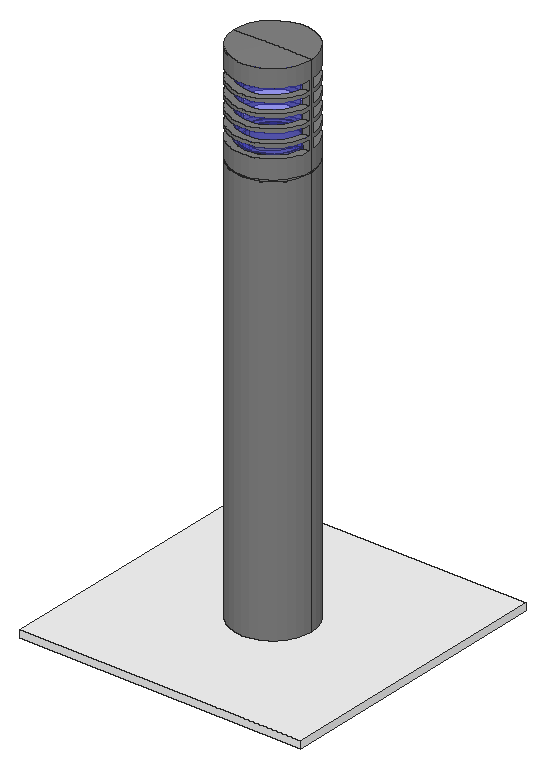
Revit family "BE_84429_de_DE", category Leuchten, Revit 2020
Family settings
  Basisbauteil = Fläche
  Bemaßung runder Anschluss = Durchmesser verwenden
  Teiletyp = Normal
  Beim Laden mit Abzugskörper schneiden = Ja
  Lichtquelle = Ja
  Gemeinsam genutzt = Nein
  Raumberechnungspunkt = Ja
Parameters (values of type "BEGA_84429_Grafit_K3")
  built-in parameter 1150104 = 17.866 (stored number, unit not read)
  Wattage = 3.9 W
  Default Elevation = 0 mm
  built-in parameter 1150113 = 1 (stored number, unit not read)
  built-in parameter 1114218 = 1 (stored number, unit not read)
  Umgebungstemperatur = "25 °C"
  URL = "https://www.bega.com/de/produkt/84429"
  Typenkommentare = "© 2022 BEGA. Wir behalten uns das Recht vor, technische Änderungen ohne vorherige Ankündigung vorzunehmen."  # constant formula
  Type Image = 84429.png
  built-in parameter 1150134 = (empty or 0)
  built-in parameter 1150109 = 1 (stored number, unit not read)
  Strom = ""
  built-in parameter 1150110 = 1 (stored number, unit not read)
  Spannung = 239.996 V
  Sonderanfertigung = no
  Seriennummer [instance] = "Hier können Sie die eindeutige Seriennummer für das Facility Management eintragen."
  Schutzklasse = "I"
  Schutzart = "IP 65"
  Scheinlast = 0 VA
  Produktdatenblatt = "https://cdn.bega.com/bega/products/84429AK4/current/documents/data-sheets/de"
  Oberflächentemperatur = ""
  Neigungswinkel = 0.00°
  Modell = "84429K3"
  Material_18 = BEGA_Gummi_schwarz
  Material_17 = BEGA_Reflektor
  Material_15 = BEGA_Leuchtmedium_matt
  Material_11 = BEGA_Glas_opal
  Material_09 = BEGA_Glas_klar
  Material_08 = BEGA_Oberfläche_Stahl_verzinkt
  Material_06 = BEGA_Oberfläche_Edelstahl_gebürstet
  Material_03 = BEGA_Oberfläche_Weiss_matt
  Material_02 = BEGA_Oberfläche_Silber_matt
  Material_01 [instance] = BEGA_Oberfläche_Grafit_matt
  M_W = no
  M_G = yes
  M_A = no
  Logo = 0
  built-in parameter 1114217 = 1 (stored number, unit not read)
  built-in parameter 1150139 = (empty or 0)
  built-in parameter 1150105 = 59.684 (stored number, unit not read)
  built-in parameter 1150114 = 1 (stored number, unit not read)
  Lumens = 750.009 lm
  built-in parameter 1150115 = 1 (stored number, unit not read)
  Leuchtenlichtstrom = "190 lm"
  Leuchtenanzahl = ""
  Lebensdauerkriterien = "L70B50 @ 25 °C = 200000 h"
  Lastklassifizierung = Beleuchtung
  built-in parameter 1150112 = 1 (stored number, unit not read)
  Lampenlichtstrom = "750 lm"
  Lampe = "LED 3.9 W"
  LED_Modulbezeichnung = "LED-0794/830"
  built-in parameter 1150142 = (empty or 0)
  Hersteller = "BEGA"  # constant formula
  Halbstreuwinkel = ""
  Gewicht = "3.7 kg"
  Gebrauchslageneinschränkung [instance] = ""
  Frequenz = "0/50-60 Hz"
  Farbwiedergabeindex = "CRI > 80"
  Farbtemperaturverschiebung bei Dämpfen der Lampe = <Keine Auswahl>
  Farbtemperatur = "3000 K"
  Color Filter = 16777215
  built-in parameter 1150133 = 10 (stored number, unit not read)
  Energieeffizienzklasse = "LED A++ - A"
  built-in parameter 1150137 = (empty or 0)
  built-in parameter 1150132 = (empty or 0)
  ENEC = "ja"
  Datei für fotometrisches Netz = "BE_84429K3.IES"
  CE_Konformität = "ja"
  Bestellnummer = "84429K3"
  Beschreibung_Sonderanfertigung = "Hier können Sie Informationen zur Sonderanfertigung eintragen."
  Beschreibung = "Garten- und Wegeleuchte"
  built-in parameter 1150106 = 0.59684 (stored number, unit not read)
  Befestigungsbohrung = "Ø 9 mm"
  Befestigungsabstand = ""
  Ballwurfsicher = ""
  BEGA_Intern_aus = yes
  BEGA_Intern_an = yes
  BEGA_Intern_Konstruktion = yes
  BEGA_Intern = yes
  BEGA_IES = yes
  BEGA_Dummy = no
  Anschlussleitung = ""
  Anschlussleistung [instance] = "5 W"
  built-in parameter 1150107 = 3000 (stored number, unit not read)
  built-in parameter 1150102 = (empty or 0)
  built-in parameter 1150138 = (empty or 0)
  Aktualisierung = "2022-05-19T04:00:07"
  Abstand_zur_angestrahlten_Fläche [instance] = ""
  AC/DC = "AC/DC"
Types (4, lengths in mm): name | built-in parameter 1150104 | built-in parameter 1150134 | Modell | M_G | M_A | built-in parameter 1150105 | Lumens | Leuchtenlichtstrom | Lampenlichtstrom | LED_Modulbezeichnung | Farbtemperatur | Datei für fotometrisches Netz | Bestellnummer | built-in parameter 1150106 | built-in parameter 1150107
  BEGA_84429_Grafit_K3 | 17.866 (stored number, unit not read) | (empty or 0) | "84429K3" | yes | no | 59.684 (stored number, unit not read) | 750.009 lm | "190 lm" | "750 lm" | "LED-0794/830" | "3000 K" | "BE_84429K3.IES" | "84429K3" | 0.59684 (stored number, unit not read) | 3000 (stored number, unit not read)
  BEGA_84429_Grafit_K4 | 18.343 (stored number, unit not read) | 12 | "84429K4" | yes | no | 61.276 (stored number, unit not read) | 770.016 lm | "195 lm" | "770 lm" | "LED-0794/840" | "4000 K" | "BE_84429K4.IES" | "84429K4" | 0.61276 (stored number, unit not read) | 4000 (stored number, unit not read)
  BEGA_84429_Silber_K3 | 17.866 (stored number, unit not read) | (empty or 0) | "84429AK3" | no | yes | 59.684 (stored number, unit not read) | 750.009 lm | "190 lm" | "750 lm" | "LED-0794/830" | "3000 K" | "BE_84429K3.IES" | "84429AK3" | 0.59684 (stored number, unit not read) | 3000 (stored number, unit not read)
  BEGA_84429_Silber_K4 | 18.343 (stored number, unit not read) | 12 | "84429AK4" | no | yes | 61.276 (stored number, unit not read) | 770.016 lm | "195 lm" | "770 lm" | "LED-0794/840" | "4000 K" | "BE_84429K4.IES" | "84429AK4" | 0.61276 (stored number, unit not read) | 4000 (stored number, unit not read)
Reference planes
  plane 1 "Mitte (Vorne/Hinten)": y = 0
  plane 2: z = 0
  plane 3 "Mitte (Links/Rechts)": x = 0
  plane 4 "Links": x = -55
  plane 5 "Rechts": x = 55.007
  plane 6 "Unten": y = -55
  plane 7 "Oben": y = 55
  plane 8 "Vorne": z = 730.806
  plane 9 "Hinten": z = 0
Forms (mm)
  Extrusion 1, solid, material "BEGA_Platte_Weiss"
    sketch origin (0, -1119.2, 0) x (1, 0, 0) y (0, 1, 0)
      loop
        line (-200, 1319.2) -> (-200, 919.2) -> (200, 919.2) -> (200, 1319.2) -> (-200, 1319.2)
    from 0 to -10
  Extrusion 2, solid, material "BEGA_Dummy_matt", visible <- "BEGA_Dummy"
    sketch origin (77.149, -76.023, 0) x (1, 0, 0) y (0, 1, 0)
      loop
        circle (-77.149, 76.023) r 55
    from 0 to 730.771
Dimensions and locks
  plane 1 "Mitte (Vorne/Hinten)" to Extrusion 1 = 200 mm
  aligned and locked: plane 2 to Extrusion 1
  aligned and locked: level to Extrusion 1
Nested families
  nested 1: "84429" at (0, 0, 0), type "84429"
Connectors
  electrical at (0, 0, 0), driven by "Lastklassifizierung", driven by "Spannung", driven by "Scheinlast"
    settings: index 1, voltage 239.996 V, apparent load 0 VA, apparent load phase1 0 VA, apparent load phase2 0 VA, apparent load phase3 0 VA, power factor 1, load classification "Beleuchtung", number of poles 1, system type 31, power factor state 1, is connector primary yes, connector utility no, sub classification motor no, connector description ""
Definition of nested family "84429"
  Parameters (values of type "84429")
    Default Elevation = 1 mm
    URL = "http://www.bega.de/de/produkt"
    Type Comments = "© 2015 BEGA. Wir behalten uns das Recht vor, technische Änderungen ohne vorherige Ankündigung vorzunehmen. "  # constant formula
    Type Image = (empty or 0)
    Neigungswinkel_um_Z2 = 0.00°
    Neigungswinkel_um_Z1 = 0.00°
    Neigungswinkel_um_Y2 = 0.00°
    Neigungswinkel_um_Y1 = 0.00°
    Neigungswinkel_um_X2 = 0.00°
    Neigungswinkel_um_X1 = 0.00°
    Material_18 = none
    Material_17 = none
    Material_15 = none
    Material_11 = none
    Material_09 = none
    Material_08 = none
    Material_06 = none
    Material_02 = none
    Material_01 = none
    M_W = no
    M_G = no
    M_A = yes
    Länge_Platte = 200 mm  # constant formula
    Höhe_Platte = -10 mm  # constant formula
    Manufacturer = "BEGA"  # constant formula
    Drehwinkel_um_Z2 = 0.00°
    Drehwinkel_um_Z1 = 0.00°
    Breite_Platte = 200 mm  # constant formula
  Reference planes
    plane 1 "Mitte (Oben/Unten)": y = 0
    plane 2: z = 0
    plane 3 "Mitte (Links/Rechts)": x = 0
    plane 4 "Links": x = -55
    plane 5 "Rechts": x = 55.007
    plane 6 "Oben": y = 55
    plane 7 "Unten": y = -55
    plane 8: z = 0
    plane 9: z = 730.771
  Forms (mm)
    Extrusion 1, solid, detail levels medium
      sketch origin (0, 0, 0) x (1, 0, 0) y (0, 1, 0)
        loop
          line (-100, 100) -> (-100, -100) -> (100, -100) -> (100, 100) -> (-100, 100)
      from 0 to -10 <- "Höhe_Platte"
    Revolve 2, solid, material <- "Material_11"
      sketch origin (0, 0, 0) x (1, 0, 0) y (0, 0, 1)
        loop
          line (0, 718.14) -> (-43.08, 718.14) -> (-44.992, 608.595) -> (-37.994, 608.595) -> (-37.994, 582.176) -> (-33, 582.176) -> (-33, 612.26) -> (-40.927, 612.26) -> (-39.149, 714.14) -> (0, 714.14) -> (0, 718.14)
        axis (0, 718.14) -> (0, 582.176)
      angle from 0 to 360
    Revolve 3, solid, material <- "Material_18"
      sketch origin (0, 0, 0) x (1, 0, 0) y (0, 0, 1)
        loop
          circle (-42.419, 606.472) r 2.597
        axis (0, 606.472) -> (0, 605.472)
      angle from 0 to 360
    Revolve 4, solid, material <- "Material_08"
      sketch origin (0, 0, 0) x (1, 0, 0) y (0, 0, 1)
        loop
          line (-44.52, 120) -> (-44.52, 3) -> (-42.5, 3) -> (-42.5, 120) -> (-44.52, 120)
        axis (0, 120) -> (0, 3)
      angle from 0 to 360
    Revolve 5, solid, material <- "Material_02", visible <- "M_A"
      sketch origin (0, 0, 0) x (1, 0, 0) y (0, 0, 1)
        loop
          line (-55, 585.14) -> (-55, 0) -> (-53, 0) -> (-53, 566.429) -> (-43.211, 566.429) -> (-43.211, 606.14) -> (-46, 606.14) -> (-46, 589.14) -> (-51.456, 589.14) -> (-51.456, 587.14) -> (-54, 587.14) -> (-54, 585.14) -> (-55, 585.14)
        axis (0, 606.14) -> (0, 0)
      angle from 0 to 360
    Revolve 6, solid, material <- "Material_02", visible <- "M_A"
      sketch origin (0, 0, 0) x (1, 0, 0) y (0, 0, 1)
        loop
          line (-55, 729.455) -> (-55, 587.44) -> (-52.384, 587.44) -> (-52.384, 609.333) -> (-46.05, 609.333) -> (-44.308, 726.853) -> (-0.008, 726.853) -> (-0.008, 730.752) -> (-55, 729.455)
        axis (-0.008, 730.752) -> (-0.008, 587.44)
      angle from 0 to 360
    Extrusion 7, solid, material <- "Material_08"
      sketch origin (0, 0, 0) x (1, 0, 0) y (0, 1, 0)
        loop
          arc (-4.5, -35.473) -> (0, -39.525) -> (4.5, -35.473) r 4.525
          line (4.5, -35.473) -> (4.5, -32.5)
          arc (4.5, -32.5) -> (0, -28) -> (-4.5, -32.5) r 4.5
          line (-4.5, -32.5) -> (-4.5, -35.473)
        loop
          arc (25.631, 19.982) -> (24.249, 14) -> (30.121, 12.207) r 4.5
          line (30.121, 12.207) -> (32.555, 13.612)
          arc (32.555, 13.612) -> (34.199, 19.745) -> (28.066, 21.388) r 4.489
          line (28.066, 21.388) -> (25.631, 19.982)
        loop
          arc (-28.065, 21.4) -> (-34.211, 19.745) -> (-32.555, 13.6) r 4.5
          line (-32.555, 13.6) -> (-30.393, 12.351)
          arc (-30.393, 12.351) -> (-24.25, 13.998) -> (-25.889, 20.143) r 4.5
          line (-25.889, 20.143) -> (-28.065, 21.4)
        loop
          arc (-24.393, 6.981) -> (-32.482, -0.857) -> (-32.836, -12.115) r 15
          arc (-32.836, -12.115) -> (-30.307, -17.507) -> (-26.899, -22.393) r 35
          arc (-26.899, -22.393) -> (-16.975, -27.703) -> (-6.151, -24.615) r 15
          arc (-6.151, -24.615) -> (0.002, -22.5) -> (6.154, -24.617) r 10
          arc (6.154, -24.617) -> (9.865, -26.739) -> (14.024, -27.727) r 15
          arc (14.024, -27.727) -> (21.138, -26.638) -> (26.925, -22.361) r 15
          arc (26.925, -22.361) -> (30.317, -17.49) -> (32.836, -12.115) r 35
          arc (32.836, -12.115) -> (32.376, -0.621) -> (23.91, 7.167) r 15
          arc (23.91, 7.167) -> (19.219, 11.694) -> (18.305, 18.148) r 10.022
          arc (18.305, 18.148) -> (15.356, 28.752) -> (5.964, 34.488) r 15
          arc (5.964, 34.488) -> (0, 35) -> (-5.964, 34.488) r 35
          arc (-5.964, 34.488) -> (-15.516, 28.536) -> (-18.24, 17.616) r 15
          arc (-18.24, 17.616) -> (-19.49, 11.242) -> (-24.393, 6.981) r 10
        loop
          circle (0, 0) r 47.5
      from 0 to 3
    Revolve 8, solid, material <- "Material_01", visible <- "M_G"
      sketch origin (0, 0, 0) x (1, 0, 0) y (0, 0, 1)
        loop
          line (-55, 585.14) -> (-55, 0) -> (-53, 0) -> (-53, 566.429) -> (-43.211, 566.429) -> (-43.211, 606.14) -> (-46, 606.14) -> (-46, 589.14) -> (-51.456, 589.14) -> (-51.456, 587.14) -> (-54, 587.14) -> (-54, 585.14) -> (-55, 585.14)
        axis (0, 606.14) -> (0, 0)
      angle from 0 to 360
    Extrusion 9, void
      sketch origin (0, 0, 0) x (0, 1, 0) y (0, 0, 1)
        loop
          line (-59.832, 704.483) -> (-59.832, 690.514) -> (-3, 690.514) -> (-3, 704.483) -> (-59.832, 704.483)
        loop
          line (3.018, 704.483) -> (3.018, 690.514) -> (59.541, 690.514) -> (59.541, 704.483) -> (3.018, 704.483)
        loop
          line (-59.832, 685.743) -> (-59.832, 671.401) -> (-3, 671.401) -> (-3, 685.743) -> (-59.832, 685.743)
        loop
          line (3.018, 685.743) -> (3.018, 671.401) -> (59.541, 671.401) -> (59.541, 685.743) -> (3.018, 685.743)
        loop
          line (-59.832, 666.48) -> (-59.832, 652.339) -> (-3, 652.339) -> (-3, 666.48) -> (-59.832, 666.48)
        loop
          line (3.018, 666.48) -> (3.018, 652.339) -> (59.541, 652.339) -> (59.541, 666.48) -> (3.018, 666.48)
        loop
          line (-59.832, 647.457) -> (-59.832, 633.42) -> (-3, 633.42) -> (-3, 647.457) -> (-59.832, 647.457)
        loop
          line (3.018, 647.457) -> (3.018, 633.42) -> (59.541, 633.42) -> (59.541, 647.457) -> (3.018, 647.457)
        loop
          line (-59.832, 628.42) -> (-59.832, 614.175) -> (-3, 614.175) -> (-3, 628.42) -> (-59.832, 628.42)
        loop
          line (3.018, 628.42) -> (3.018, 614.175) -> (59.541, 614.175) -> (59.541, 628.42) -> (3.018, 628.42)
      from -80 to 80
    Revolve 10, solid, material <- "Material_01", visible <- "M_G"
      sketch origin (0, 0, 0) x (1, 0, 0) y (0, 0, 1)
        loop
          line (-55, 729.455) -> (-55, 587.44) -> (-52.384, 587.44) -> (-52.384, 609.333) -> (-46.05, 609.333) -> (-44.308, 726.853) -> (-0.008, 726.853) -> (-0.008, 730.752) -> (-55, 729.455)
        axis (-0.008, 730.752) -> (-0.008, 587.44)
      angle from 0 to 360
  Cuts and joins
    joined: Revolve 4, Extrusion 7
    Extrusion 9 cuts Revolve 6
    Extrusion 9 cuts Revolve 10
  Dimensions and locks
    equal spacing: Extrusion 1 sketch curve, plane 3 "Mitte (Links/Rechts)", Extrusion 1 sketch curve
    equal spacing: Extrusion 1 sketch curve, plane 1 "Mitte (Oben/Unten)", Extrusion 1 sketch curve
    "Länge_Platte": Extrusion 1 sketch curve to Extrusion 1 sketch curve
    "Breite_Platte": Extrusion 1 sketch curve to Extrusion 1 sketch curve
    aligned and locked: plane 2 to Extrusion 1
    aligned and locked: level to Extrusion 1
  Automatic sketch dimensions
    Revolve 4 sketch curve to plane 3 "Mitte (Links/Rechts)" = 0 mm
    Revolve 4 sketch curve to plane 3 "Mitte (Links/Rechts)" = 42.5 mm
    Revolve 4 sketch curve to Revolve 4 sketch curve = 2.02 mm
    Revolve 4 sketch curve to Revolve 4 sketch curve = 398 mm
    Revolve 4 sketch curve to Revolve 4 sketch curve = 10 mm
    level to Revolve 4 sketch curve = 3 mm
    level to Revolve 4 sketch curve = 120 mm
    Extrusion 7 sketch curve to Extrusion 7 sketch curve = 0 mm  (x25)
    plane 1 "Mitte (Oben/Unten)" to Extrusion 7 sketch curve = 0 mm
    Extrusion 7 sketch curve to plane 3 "Mitte (Links/Rechts)" = 0 mm  (x3)
    Extrusion 7 sketch curve to plane 3 "Mitte (Links/Rechts)" = 3.387 mm
    Extrusion 7 sketch curve to plane 3 "Mitte (Links/Rechts)" = 4.5 mm
    Extrusion 7 sketch curve to plane 3 "Mitte (Links/Rechts)" = 15.377 mm
    Extrusion 7 sketch curve to Extrusion 7 sketch curve = 3.387 mm  (x2)
    Extrusion 7 sketch curve to Extrusion 7 sketch curve = 22.503 mm
    Extrusion 7 sketch curve to Extrusion 7 sketch curve = 2.176 mm
    Extrusion 7 sketch curve to Extrusion 7 sketch curve = 2.256 mm
    Extrusion 7 sketch curve to Extrusion 7 sketch curve = 2.165 mm  (x2)
    Extrusion 7 sketch curve to Extrusion 7 sketch curve = 2.247 mm
    Extrusion 7 sketch curve to Extrusion 7 sketch curve = 2.162 mm
    plane 3 "Mitte (Links/Rechts)" to Extrusion 7 sketch curve = 3.387 mm
    plane 3 "Mitte (Links/Rechts)" to Extrusion 7 sketch curve = 15.377 mm
    Extrusion 7 sketch curve to Extrusion 7 sketch curve = 22.245 mm
    Extrusion 7 sketch curve to Extrusion 7 sketch curve = 2.435 mm  (x2)
    Extrusion 7 sketch curve to Extrusion 7 sketch curve = 2.514 mm
    Extrusion 7 sketch curve to plane 1 "Mitte (Oben/Unten)" = 12.207 mm
    Extrusion 7 sketch curve to Extrusion 7 sketch curve = 1.975 mm
    plane 1 "Mitte (Oben/Unten)" to Extrusion 7 sketch curve = 6.923 mm  (x2)
    Extrusion 7 sketch curve to Extrusion 7 sketch curve = 5.866 mm  (x2)
    plane 7 "Unten" to Extrusion 7 sketch curve = 22.5 mm
    Extrusion 7 sketch curve to Extrusion 7 sketch curve = 2.5 mm
    Extrusion 7 sketch curve to Extrusion 7 sketch curve = 2.973 mm
    Extrusion 7 sketch curve to plane 1 "Mitte (Oben/Unten)" = 12.351 mm
    Extrusion 7 sketch curve to Extrusion 7 sketch curve = 1.249 mm
    Extrusion 7 sketch curve to Extrusion 7 sketch curve = 4.043 mm
    Extrusion 7 sketch curve to Extrusion 7 sketch curve = 3.899 mm
    Extrusion 7 sketch curve to Extrusion 7 sketch curve = 1.25 mm  (x2)
    Extrusion 7 sketch curve to plane 1 "Mitte (Oben/Unten)" = 19.711 mm
    Extrusion 7 sketch curve to Extrusion 7 sketch curve = 1.406 mm
    Extrusion 7 sketch curve to plane 3 "Mitte (Links/Rechts)" = 5.964 mm
    Extrusion 7 sketch curve to plane 3 "Mitte (Links/Rechts)" = 6.151 mm
    Extrusion 7 sketch curve to Extrusion 7 sketch curve = 7.65 mm
    Extrusion 7 sketch curve to plane 1 "Mitte (Oben/Unten)" = 6.981 mm
    Extrusion 7 sketch curve to Extrusion 7 sketch curve = 5.937 mm
    plane 3 "Mitte (Links/Rechts)" to Extrusion 7 sketch curve = 5.964 mm
    plane 3 "Mitte (Links/Rechts)" to Extrusion 7 sketch curve = 6.154 mm
    Extrusion 7 sketch curve to Extrusion 7 sketch curve = 7.87 mm
    Extrusion 7 sketch curve to Extrusion 7 sketch curve = 7.326 mm
    Extrusion 7 sketch curve to plane 1 "Mitte (Oben/Unten)" = 7.167 mm
    Extrusion 7 sketch curve to Extrusion 7 sketch curve = 5.911 mm
    Revolve 2 sketch curve to plane 3 "Mitte (Links/Rechts)" = 0 mm  (x2)
    plane 4 "Links" to Revolve 2 sketch curve = 22 mm
    Revolve 2 sketch curve to Revolve 2 sketch curve = 4.994 mm
    plane 4 "Links" to Revolve 2 sketch curve = 15.851 mm
    Revolve 2 sketch curve to Revolve 2 sketch curve = 2.933 mm
    Revolve 2 sketch curve to Revolve 2 sketch curve = 3.931 mm
    Revolve 2 sketch curve to Revolve 2 sketch curve = 4.065 mm
    Revolve 2 sketch curve to plane 9 = 148.595 mm
    Revolve 2 sketch curve to Revolve 2 sketch curve = 26.42 mm
    Revolve 2 sketch curve to Revolve 2 sketch curve = 3.665 mm
    Revolve 2 sketch curve to plane 9 = 16.631 mm
    Revolve 2 sketch curve to Revolve 2 sketch curve = 4 mm
    Revolve 2 sketch curve to Revolve 2 sketch curve = 38.14 mm
    Revolve 2 sketch curve to plane 9 = 1.735 mm
    Revolve 3 sketch curve to plane 3 "Mitte (Links/Rechts)" = 0 mm
    plane 4 "Links" to Revolve 3 sketch curve = 12.581 mm
    Revolve 3 sketch curve to plane 9 = 124.299 mm
    Revolve 3 sketch curve to Revolve 3 sketch curve = 27.475 mm
    Revolve 3 sketch curve to Revolve 3 sketch curve = 25 mm
    Revolve 5 sketch curve to level = 0 mm
    Revolve 5 sketch curve to plane 4 "Links" = 0 mm
    Revolve 5 sketch curve to plane 3 "Mitte (Links/Rechts)" = 0 mm
    plane 4 "Links" to Revolve 5 sketch curve = 1 mm
    Revolve 5 sketch curve to Revolve 5 sketch curve = 2 mm  (x3)
    Revolve 5 sketch curve to Revolve 5 sketch curve = 2.544 mm
    Revolve 5 sketch curve to Revolve 5 sketch curve = 5.456 mm
    Revolve 5 sketch curve to Revolve 5 sketch curve = 2.789 mm
    Revolve 5 sketch curve to plane 9 = 164.342 mm
    Revolve 5 sketch curve to Revolve 5 sketch curve = 18.71 mm
    Revolve 5 sketch curve to Revolve 5 sketch curve = 17 mm
    Revolve 5 sketch curve to level = 13.31 mm
    Revolve 5 sketch curve to Revolve 5 sketch curve = 5.311 mm
    Revolve 8 sketch curve to level = 0 mm
    Revolve 8 sketch curve to plane 4 "Links" = 0 mm
    Revolve 8 sketch curve to plane 3 "Mitte (Links/Rechts)" = 0 mm
    plane 4 "Links" to Revolve 8 sketch curve = 1 mm
    Revolve 8 sketch curve to Revolve 8 sketch curve = 2 mm  (x3)
    Revolve 8 sketch curve to Revolve 8 sketch curve = 2.544 mm
    Revolve 8 sketch curve to Revolve 8 sketch curve = 5.456 mm
    Revolve 8 sketch curve to Revolve 8 sketch curve = 2.789 mm
    Revolve 8 sketch curve to plane 9 = 164.342 mm
    Revolve 8 sketch curve to Revolve 8 sketch curve = 18.71 mm
    Revolve 8 sketch curve to Revolve 8 sketch curve = 17 mm
    Revolve 8 sketch curve to level = 13.31 mm
    Revolve 8 sketch curve to Revolve 8 sketch curve = 5.311 mm
    Revolve 6 sketch curve to plane 4 "Links" = 0 mm
    Revolve 6 sketch curve to Revolve 6 sketch curve = 2.616 mm
    Revolve 6 sketch curve to plane 3 "Mitte (Links/Rechts)" = 0.008 mm  (x2)
    Revolve 6 sketch curve to plane 9 = 143.331 mm
    Revolve 6 sketch curve to Revolve 6 sketch curve = 21.893 mm
    Revolve 6 sketch curve to plane 9 = 1.316 mm
    Revolve 6 sketch curve to plane 9 = 0.019 mm
    Revolve 6 sketch curve to Revolve 6 sketch curve = 6.334 mm
    plane 4 "Links" to Revolve 6 sketch curve = 10.692 mm
    Revolve 6 sketch curve to plane 9 = 3.918 mm
    Revolve 6 sketch curve to Revolve 6 sketch curve = 0.852 mm
    Revolve 6 sketch curve to Revolve 6 sketch curve = 0 mm
    Extrusion 9 sketch curve to plane 7 "Unten" = 4.832 mm  (x5)
    plane 1 "Mitte (Oben/Unten)" to Extrusion 9 sketch curve = 3 mm  (x5)
    Extrusion 9 sketch curve to plane 1 "Mitte (Oben/Unten)" = 3.018 mm  (x5)
    plane 6 "Oben" to Extrusion 9 sketch curve = 4.541 mm  (x5)
    Extrusion 9 sketch curve to plane 9 = 116.596 mm
    Extrusion 9 sketch curve to Extrusion 9 sketch curve = 0 mm
    Extrusion 9 sketch curve to Extrusion 9 sketch curve = 14.246 mm  (x2)
    Extrusion 9 sketch curve to Extrusion 9 sketch curve = 5 mm  (x2)
    Extrusion 9 sketch curve to Extrusion 9 sketch curve = 14.037 mm  (x2)
    Extrusion 9 sketch curve to Extrusion 9 sketch curve = 4.882 mm  (x2)
    Extrusion 9 sketch curve to Extrusion 9 sketch curve = 14.141 mm  (x2)
    Extrusion 9 sketch curve to Extrusion 9 sketch curve = 4.921 mm  (x2)
    Extrusion 9 sketch curve to Extrusion 9 sketch curve = 14.342 mm  (x2)
    Extrusion 9 sketch curve to Extrusion 9 sketch curve = 4.772 mm  (x2)
    Extrusion 9 sketch curve to Extrusion 9 sketch curve = 13.969 mm  (x2)
    Revolve 10 sketch curve to plane 4 "Links" = 0 mm
    Revolve 10 sketch curve to Revolve 10 sketch curve = 2.616 mm
    Revolve 10 sketch curve to Revolve 10 sketch curve = 6.334 mm
    Revolve 10 sketch curve to plane 9 = 3.918 mm
    plane 4 "Links" to Revolve 10 sketch curve = 10.692 mm
    Revolve 10 sketch curve to plane 3 "Mitte (Links/Rechts)" = 0.008 mm  (x2)
    Revolve 10 sketch curve to Revolve 10 sketch curve = 117.52 mm
    Revolve 10 sketch curve to Revolve 10 sketch curve = 21.893 mm
    Revolve 10 sketch curve to plane 9 = 1.316 mm
    Revolve 10 sketch curve to plane 9 = 0.019 mm
    Revolve 10 sketch curve to Revolve 10 sketch curve = 0.852 mm
    Revolve 10 sketch curve to Revolve 10 sketch curve = 0 mm
    radius of Extrusion 7 sketch curve = 47.5 mm
    radius of Revolve 3 sketch curve = 2.597 mm
